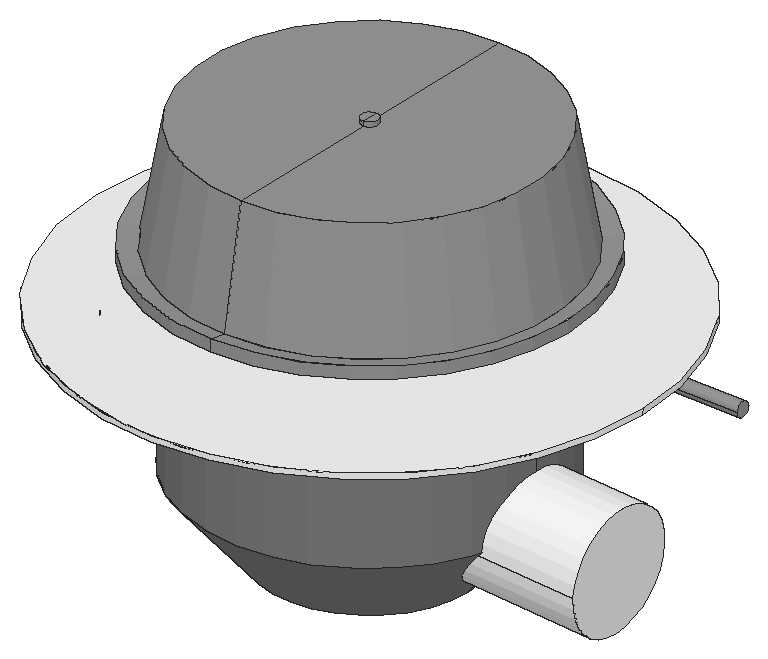
Revit family "HL_RU_Roof drain_HL64.1PSafe-B-221103", category Instalační zařizovací předměty, Revit 2021
Family settings
  Kóta kulaté spojky = Použít průměr
  Typ dílu = Normální
  Číslo OmniClass = 23.70.50.21.24.14
  Nadpis OmniClass = Deck Waste Water Drains
  Založené na pracovní rovině = Ne
  Vždy vertikální = Ano
  Ořezat dutým tvarem při načtení = Ne
  Sdílené = Ne
  Bod výpočtu místnosti = Ano
Parameters (values of type "HL_Кровельная воронка_HL64.1PSafe_7")
  РЕШЁТКА = "Laubfangkorb d 262 mm"
  РАЗМЕР = "DN75"
  ПРОПУСКНАЯ СПОСОБНОСТЬ [instance] = 0.0 L/s
  ПРОИЗВОДИТЕЛЬНОСТЬ = "l/s"
  ПРАВОВАЯ ИНФОРМАЦИЯ = "Авторские права(©), права на дизайн или какие либо другие права интелектуальной собственности являются исключительной собственностью компании HL Hutterer & Lechner. Изменению не подлежит. Файл семейства с данными о прозводителе изделия защищен паролем с водяным знаком."
  НОМИНАЛЬНЫЙ ДИАМЕТР = 75 mm
  МАТЕРИАЛ = "PP/PVC"
  ВЫСОТА МОНТАЖА = "150mm"
  ВЕС = "2,348 [kg]"
  Výchozí výška = 0 mm
  Výrobce = "HL Hutterer & Lechner GmbH"  # constant formula
  URL = "http://www.hutterer-lechner.com/ru/products/catalog/roof-drains/HL64.1PSafe/7.aspx"
  Материал плитка [instance] = none
  Přípoj ventilace = no
  Přípoj odpadních dílů = yes
  Přípoj HW = no
  Přípoj CW = no
  Popis = "Кровельные воронки"
  Model = "HL64.1PSafe_7"
  Assembly Code = " "
  Komentáře k typům = "HL64.1PSafe/7, Воронка для аварийного водостока с горизонтальным выпуском DN75 с электрообогревом, с корпусом из ПВХ, с возможностью регулировки толщины слоя воды"
  Keynote = "HL64.1PSafe_7"
  EAN = "9003076040957"
  Bысота монтажа [instance] = 28 mm  # constant formula
  G [instance] = 90.00°  # constant formula
  D [instance] = if(НОМИНАЛЬНЫЙ ДИАМЕТР = 75 mm, 162.8 mm, 178 mm)  # 162.8 mm
  C [instance] = if(Bысота монтажа - 68 mm < 0 mm, 0 mm, Bысота монтажа - 68 mm)  # 0 mm
  B [instance] = Bысота монтажа + if(НОМИНАЛЬНЫЙ ДИАМЕТР = 75 mm, 101 mm, 84 mm)  # 129 mm
  A [instance] = if(B - 100 mm > 15 mm, B - 100 mm, 15 mm)  # 29 mm
Types (3, lengths in mm): name | РАЗМЕР | НОМИНАЛЬНЫЙ ДИАМЕТР | URL | Model | Komentáře k typům | Keynote | EAN | D | B | A
  (no name) | "DN75" | 75 | "http://www.hutterer-lechner.com/ru/products/catalog/roof-drains/HL64.1PSafe/7.aspx" | "HL64.1PSafe_7" | "HL64.1PSafe/7, Воронка для аварийного водостока с горизонтальным выпуском DN75 с электрообогревом, с корпусом из ПВХ, с возможностью регулировки толщины слоя воды" | "HL64.1PSafe_7" | "9003076040957" | 162.8 | 129 | 29
  HL_Кровельная воронка_HL64.1PSafe_1 | "DN110" | 110 | "http://www.hutterer-lechner.com/ru/products/catalog/roof-drains/HL64.1PSafe/1.aspx" | "HL64.1PSafe_1" | "HL64.1PSafe/1, Воронка для аварийного водостока с горизонтальным выпуском DN110 с электрообогревом, с корпусом из ПВХ, с возможностью регулировки толщины слоя воды" | "HL64.1PSafe_1" | "9003076040964" | 178 | 112 | 15
  HL_Кровельная воронка_HL64.1PSafe_7 | "DN75" | 75 | "http://www.hutterer-lechner.com/ru/products/catalog/roof-drains/HL64.1PSafe/7.aspx" | "HL64.1PSafe_7" | "HL64.1PSafe/7, Воронка для аварийного водостока с горизонтальным выпуском DN75 с электрообогревом, с корпусом из ПВХ, с возможностью регулировки толщины слоя воды" | "HL64.1PSafe_7" | "9003076040957" | 162.8 | 129 | 29
Reference planes
  plane 1 "Center (Front/Back)": y = 0
  plane 2: z = 0
  plane 3 "Center (Left/Right)": x = 0
  plane 4: z = -129
  plane 5: z = -28
Lines and regions (mm)
  model lines, style "InvisibleLines"
    curve 1: line (0, 0, 0) -> (0, 0, 20)
  model lines, style "PlumbingFixtures", detail levels coarse+medium
    curve 2: line (0, 0, -129) -> (0, 0, -100)
    curve 3: line (0, 0, -100) -> (-100, 0, 0)
    curve 4: line (0, 0, -100) -> (100, 0, 0)
    curve 6: line (0, 0, -129) -> (162.8, 0, -129)
  reference lines, not visible
    curve 5: line (0, 0, -129) -> (162.8, 0, -129)
  symbolic lines, style "PlumbingFixtures", detail levels coarse+medium
    curve 7: line (-75, 75, 0) -> (75, 75, 0)
    curve 8: line (-75, -75, 0) -> (-75, 75, 0)
    curve 9: line (75, -75, 0) -> (-75, -75, 0)
    curve 10: line (75, 75, 0) -> (75, -75, 0)
    curve 11: line (-75, 75, 0) -> (-145.711, 145.711, 0)
    curve 12: line (75, 75, 0) -> (145.711, 145.711, 0)
    curve 13: line (-75, -75, 0) -> (-145.711, -145.711, 0)
    curve 14: line (75, -75, 0) -> (145.711, -145.711, 0)
  symbolic lines, style "PlumbingFixtures", not visible, detail levels coarse+medium
    curve 15: line (-75, 75, 0) -> (75, 75, 0)
    curve 16: line (-75, -75, 0) -> (-75, 75, 0)
    curve 17: line (75, -75, 0) -> (-75, -75, 0)
    curve 18: line (75, 75, 0) -> (75, -75, 0)
    curve 19: line (-75, 75, 0) -> (-145.711, 145.711, 0)
    curve 20: line (75, 75, 0) -> (145.711, 145.711, 0)
    curve 21: line (-75, -75, 0) -> (-145.711, -145.711, 0)
    curve 22: line (75, -75, 0) -> (145.711, -145.711, 0)
Text (mm)
  text "FLOOR" at (-162.344, 0, -10.979), in view "Drain Construction View"
Dimensions and locks
  "B": plane 2 to plane 4
  "Bысота монтажа": plane 2 to plane 5
  "A": curve 4 to plane 4
  "D": curve 5 to curve 5
  "D": curve 6 to curve 6
  locked: curve 4 to plane 3 "Center (Left/Right)" (angle 45.00°)
  locked: plane 3 "Center (Left/Right)" to curve 3 (angle 45.00°)
  "G": angle curve 5 to plane 3 "Center (Left/Right)"
  aligned and locked: level to plane 2
  aligned and locked: plane 2 to curve 4
  aligned and locked: plane 2 to curve 3
  aligned and locked: plane 4 to curve 5
  aligned and locked: plane 3 "Center (Left/Right)" to curve 5
  aligned and locked: plane 4 to curve 2
  aligned and locked: plane 3 "Center (Left/Right)" to curve 6
  aligned and locked: plane 4 to curve 6
  aligned and locked: nested 1 to plane 5
  aligned and locked: plane 3 "Center (Left/Right)" to nested 1
  aligned and locked: nested 2 to plane 2
  aligned and locked: plane 3 "Center (Left/Right)" to nested 2
Automatic sketch dimensions
  curve 2 to plane 3 "Center (Left/Right)" = 0 mm
  curve 1 to plane 3 "Center (Left/Right)" = 0 mm
  curve 1 to level = 0 mm
  level to curve 1 = 20 mm
Nested families
  nested 1: "HL_кровельные воронки - корпус_HL64.1P" at (0, 0, -28), НОМИНАЛЬНЫЙ ДИАМЕТР <- "НОМИНАЛЬНЫЙ ДИАМЕТР", type "HL_кровельные воронки - корпус_HL64.1P"
    with НОМИНАЛЬНЫЙ ДИАМЕТР 75 mm, L 164 mm, B 101.3 mm, A 92.3 mm
  nested 2: "HL_Вспомогательные материалы-Противопожарная защита_HL062.1Safe" at (0, 0, 0), Bысота монтажа <- "Bысота монтажа", type "HL_Вспомогательные материалы-Противопожарная защита_HL062.1Safe"
    with Пропускная способность 0.0 L/s, L 58 mm, IHmin 28 mm, IHmax 68 mm, Bысота монтажа 28 mm
Connectors
  piping at (162.8, 0, -129), diameter 75, driven by "ПРОПУСКНАЯ СПОСОБНОСТЬ", driven by "НОМИНАЛЬНЫЙ ДИАМЕТР"
    settings: on curve 5, index 1, connector inside diameter 609.6 mm, connector length 0 mm, flow factor 0, pipe flow 0.0 L/s, pressure drop 0.0 Pa, fitting loss kfactor 0, connector angle 0.00°, fixture units 0, engagement length 0 mm, angle of deflection 0.00°, flow configuration 1, flow direction 2, fitting loss method 0, system type 16, joint type 0, gender type 0, connector reference index -1, connector utility 0, adjustable connector yes, is connector primary yes, connector description ""
Definition of nested family "HL_кровельные воронки - корпус_HL64.1P"
  Parameters (values of type "HL_кровельные воронки - корпус_HL64.1P")
    НОМИНАЛЬНЫЙ ДИАМЕТР [instance] = 110 mm
    Default Elevation = 0 mm
    Manufacturer = ""
    URL = ""
    Description = ""
    Model = ""
    L [instance] = if(НОМИНАЛЬНЫЙ ДИАМЕТР = 75 mm, 164 mm, 178 mm)  # 178 mm
    Type Comments = ""
    Cost = 0
    B [instance] = if(НОМИНАЛЬНЫЙ ДИАМЕТР = 75 mm, 101.3 mm, 84 mm)  # 84 mm
    A [instance] = if(НОМИНАЛЬНЫЙ ДИАМЕТР = 75 mm, 92.3 mm, 75 mm)  # 75 mm
  Reference planes
    plane 1 "Střed (vpředu/vzadu)": y = 0
    plane 2: z = 0
    plane 3 "Střed (vlevo/vpravo)": x = 0
  Forms (mm)
    Extrusion 1, solid, detail levels fine
      sketch origin (0, 0.019, 0) x (1, 0, 0) y (0, 1, 0)
        loop
          circle (0, 0) r 180
        loop
          circle (0, 0) r 78.913
      from 0 to -3.5
    Extrusion 2, solid, detail levels fine
      sketch origin (0, 0.019, -3.5) x (0, 1, 0) y (1, 0, 0)
        loop
          circle (0, 0) r 140
      from 0 to 18
    Extrusion 3, solid, detail levels fine
      sketch origin (0, 0.019, -21.5) x (-1, 0, 0) y (0, 1, 0)
        loop
          circle (0, 0) r 110
      from 0 to 73.906
    Blend 4, solid, detail levels fine
      base sketch origin (0, 0.019, -95.406) x (0, -1, 0) y (1, 0, 0)
        loop
          circle (0, 0) r 110
      top sketch origin (0, 0.019, -95.406) x (0, -1, 0) y (1, 0, 0)
        loop
          circle (0, 0) r 65
      from 0 to -53
    Revolve 5, void
      sketch origin (0, 0.019, 0) x (1, 0, 0) y (0, 0, 1)
        loop
          line (-78.913, 0) -> (-78.913, -16.281) -> (-74.694, -23.588) -> (-74.694, -24.914) -> (-75.511, -24.914) -> (-75.511, -30.304) -> (-64.679, -30.304) -> (-64.679, -32.804) -> (0, -32.804) -> (0, 0) -> (-78.913, 0)
        axis (0, 0) -> (0, -32.804)
      angle from 0 to 360
    Extrusion 6, solid, detail levels fine
      sketch origin (193.712, 65.055, -23.793) x (0, 1, 0) y (0, 0, 1)
        loop
          circle (0.061, -0.108) r 4.5
      from 0 to -120
    Extrusion 7, solid, detail levels fine
      sketch origin (179.491, 0, -54.515) x (0, -1, 0) y (-0.050497, 0, -0.998724)
        loop
          circle (0, 29.523) r 55
      from 0 to -99.364
  Cuts and joins
    Revolve 5 cuts Extrusion 1
    Revolve 5 cuts Extrusion 2
    Revolve 5 cuts Extrusion 3
  Lines and regions (mm)
    reference lines
      curve 1: line (0, 0, -75) -> (178, 0, -84)
  Dimensions and locks
    "B": plane 2 to curve 1
    curve 1 to plane 3 "Střed (vlevo/vpravo)" = 0 mm
    "A": plane 2 to curve 1
    "L": curve 1 to plane 3 "Střed (vlevo/vpravo)"
    "НОМИНАЛЬНЫЙ ДИАМЕТР": diameter of Extrusion 7 sketch curve
    aligned and locked: level to plane 2
  Automatic sketch dimensions
    Extrusion 1 sketch curve to Extrusion 1 sketch curve = 0 mm  (x2)
    Extrusion 1 sketch curve to plane 3 "Střed (vlevo/vpravo)" = 0 mm
    Extrusion 1 sketch curve to plane 1 "Střed (vpředu/vzadu)" = 0.019 mm
    Revolve 5 sketch curve to level = 0 mm
    Revolve 5 sketch curve to plane 3 "Střed (vlevo/vpravo)" = 0 mm  (x2)
    Revolve 5 sketch curve to level = 30.304 mm
    Revolve 5 sketch curve to plane 3 "Střed (vlevo/vpravo)" = 64.679 mm
    Revolve 5 sketch curve to level = 23.588 mm
    Revolve 5 sketch curve to Revolve 5 sketch curve = 10.016 mm
    Revolve 5 sketch curve to Revolve 5 sketch curve = 0.817 mm
    Revolve 5 sketch curve to Revolve 5 sketch curve = 4.218 mm
    Revolve 5 sketch curve to level = 32.804 mm
    Revolve 5 sketch curve to Revolve 5 sketch curve = 1.326 mm
    Revolve 5 sketch curve to Revolve 5 sketch curve = 7.307 mm
    Revolve 5 sketch curve to Revolve 5 sketch curve = 25 mm
    Revolve 5 sketch curve to Revolve 5 sketch curve = 50 mm
    Extrusion 6 sketch curve to level = 23.9 mm
    Extrusion 6 sketch curve to plane 1 "Střed (vpředu/vzadu)" = 65.116 mm
    Extrusion 7 sketch curve to plane 1 "Střed (vpředu/vzadu)" = 0 mm
    radius of Extrusion 1 sketch curve = 180 mm
    radius of Extrusion 1 sketch curve = 78.913 mm
    radius of Extrusion 2 sketch curve to Extrusion 1 = 40 mm
    radius of Extrusion 3 sketch curve to Extrusion 2 = 30 mm
    radius of Blend 4 sketch curve to Extrusion 3 = 0 mm
    radius of Blend 4 sketch curve to Extrusion 3 = 45 mm
    radius of Extrusion 6 sketch curve = 4.5 mm
Definition of nested family "HL_Вспомогательные материалы-Противопожарная защита_HL062.1Safe"
  Parameters (values of type "HL_Вспомогательные материалы-Противопожарная защита_HL062.1Safe")
    РЕШЁТКА = "Laubfangkorb d 262 mm"
    ПРАВОВАЯ ИНФОРМАЦИЯ = "Авторские права(©), права на дизайн или какие либо другие права интелектуальной собственности являются исключительной собственностью компании HL Hutterer & Lechner. Изменению не подлежит. Файл семейства с данными о прозводителе изделия защищен паролем с водяным знаком."
    МАТЕРИАЛ = "PP"
    ВЕС = "1,25 [kg]"
    Default Elevation = 0 mm
    Manufacturer = "HL Hutterer & Lechner GmbH"
    URL = "http://www.hutterer-lechner.com/ru/products/catalog/roof-drains/HL062.1Safe.aspx"
    Материал плитка = none
    Description = "Кровельные воронки"
    Model = "HL062.1Safe"
    L [instance] = if(Bысота монтажа < IHmin, -100 mm, if(Bысота монтажа > IHmax, -100 mm, Bысота монтажа + 30 mm))  # 58 mm
    Type Comments = "HL062.1Safe, Вставка в воронку для аварийного водоотведения"
    Keynote = "HL062.1Safe"
    Bысота монтажа [instance] = 28 mm
    IHmin [instance] = 28 mm
    IHmax [instance] = 68 mm
    Пропускная способность [instance] = 0.0 L/s
    EAN = "9003076040605"
    Cost = 0
  Reference planes
    plane 1 "Střed (vpředu/vzadu)": y = 0
    plane 2: z = 0
    plane 3 "Střed (vlevo/vpravo)": x = 0
  Forms (mm)
    Revolve 1, solid, detail levels fine
      sketch origin (0, 0, 0) x (0, 1, 0) y (0, 0, 1)
        loop
          line (0, 81.1) -> (-5.25, 81.1) -> (-5.25, 78.5) -> (-106.614, 78.5) -> (-119.486, 5.5) -> (-101.611, 5.5) -> (-90.568, 68.124) -> (0, 68.124) -> (0, 81.1)
        axis (0, 81.1) -> (0, 5.5)
      angle from 0 to 360
    Extrusion 2, solid, detail levels fine
      sketch origin (0, 0, 68.124) x (-1, 0, 0) y (0, 1, 0)
        loop
          circle (-50, 0) r 11.945
      from 0 to 82.224
    Extrusion 3, solid, detail levels fine
      sketch origin (-100, 0, 68.124) x (-1, 0, 0) y (0, 1, 0)
        loop
          circle (-50, 0) r 11.945
      from 0 to 82.224
    Revolve 4, solid, detail levels fine
      sketch origin (0, 0, 0) x (0, 1, 0) y (0, 0, 1)
        loop
          line (-130.983, 7.735) -> (-130.983, 0) -> (-69.061, 0) -> (-64.445, -4.616) -> (-64.445, -65.123) -> (-63.068, -66.5) -> (-58.068, -66.5) -> (-58.068, -4.58) -> (-68.148, 5.5) -> (-119.486, 5.5) -> (-130.983, 7.735)
        axis (0, 7.735) -> (0, -66.5)
      angle from 0 to 360
    Revolve 5, solid, detail levels fine
      sketch origin (0, 69.895, -58) x (0, -1, 0) y (0, 0, -1)
        loop
          line (149.29, -29.5) -> (149.29, -9.5) -> (139.79, 0) -> (134.34, 0) -> (134.34, -44) -> (138.069, -44) -> (138.069, -29.5) -> (149.29, -29.5)
        axis (69.895, -44) -> (69.895, 0)
      angle from 0 to 360
  Lines and regions (mm)
    reference lines
      curve 1: line (0, 69.895, -58) -> (0, -190.105, -58)
  Dimensions and locks
    "L": curve 1 to plane 2
    aligned and locked: level to plane 2
  Automatic sketch dimensions
    Revolve 1 sketch curve to plane 1 "Střed (vpředu/vzadu)" = 0 mm  (x2)
    plane 1 "Střed (vpředu/vzadu)" to Revolve 1 sketch curve = 5.25 mm
    Revolve 1 sketch curve to Revolve 1 sketch curve = 85.318 mm
    level to Revolve 1 sketch curve = 5.5 mm
    Revolve 1 sketch curve to Revolve 1 sketch curve = 11.042 mm
    Revolve 1 sketch curve to Revolve 1 sketch curve = 16.046 mm
    Revolve 1 sketch curve to Revolve 1 sketch curve = 17.876 mm
    Revolve 1 sketch curve to Revolve 1 sketch curve = 62.624 mm
    Revolve 1 sketch curve to Revolve 1 sketch curve = 10.376 mm
    Revolve 1 sketch curve to Revolve 1 sketch curve = 2.6 mm
    Revolve 1 sketch curve to Revolve 1 sketch curve = 40 mm
    Revolve 1 sketch curve to Revolve 1 sketch curve = 25 mm
    Extrusion 2 sketch curve to Revolve 1 = 50 mm
    Revolve 1 to Extrusion 3 sketch curve = 50 mm
    level to Revolve 4 sketch curve = 0 mm
    Revolve 4 sketch curve to plane 1 "Střed (vpředu/vzadu)" = 0 mm
    plane 1 "Střed (vpředu/vzadu)" to Revolve 4 sketch curve = 58.068 mm
    Revolve 4 sketch curve to Revolve 4 sketch curve = 5 mm
    Revolve 4 sketch curve to Revolve 4 sketch curve = 1.377 mm  (x2)
    Revolve 4 sketch curve to Revolve 4 sketch curve = 3.703 mm
    Revolve 4 sketch curve to Revolve 4 sketch curve = 0.913 mm
    level to Revolve 4 sketch curve = 5.5 mm
    Revolve 4 sketch curve to Revolve 4 sketch curve = 50.425 mm
    Revolve 4 sketch curve to Revolve 4 sketch curve = 11.497 mm
    Revolve 4 sketch curve to level = 4.58 mm
    Revolve 4 sketch curve to level = 4.616 mm
    Revolve 4 sketch curve to Revolve 4 sketch curve = 60.507 mm
    level to Revolve 4 sketch curve = 7.735 mm
    Revolve 4 sketch curve to Revolve 4 sketch curve = 10 mm
    Revolve 4 sketch curve to Revolve 4 sketch curve = 35 mm
    Revolve 5 sketch curve to curve 1 = 0 mm
    curve 1 to Revolve 5 sketch curve = 44 mm
    Revolve 5 sketch curve to curve 1 = 125.66 mm
    Revolve 5 sketch curve to Revolve 5 sketch curve = 3.729 mm
    Revolve 5 sketch curve to Revolve 5 sketch curve = 5.45 mm
    Revolve 5 sketch curve to Revolve 5 sketch curve = 11.221 mm
    Revolve 5 sketch curve to Revolve 5 sketch curve = 14.5 mm
    curve 1 to Revolve 5 sketch curve = 9.5 mm
    curve 1 to Revolve 5 sketch curve = 69.895 mm
    Revolve 5 sketch curve to curve 1 = 15 mm
    Revolve 5 sketch curve to Revolve 5 sketch curve = 40 mm
    plane 1 "Střed (vpředu/vzadu)" to curve 1 = 190.105 mm
    curve 1 to plane 1 "Střed (vpředu/vzadu)" = 69.895 mm
    radius of Extrusion 2 sketch curve = 11.945 mm
    radius of Extrusion 3 sketch curve = 11.945 mm
